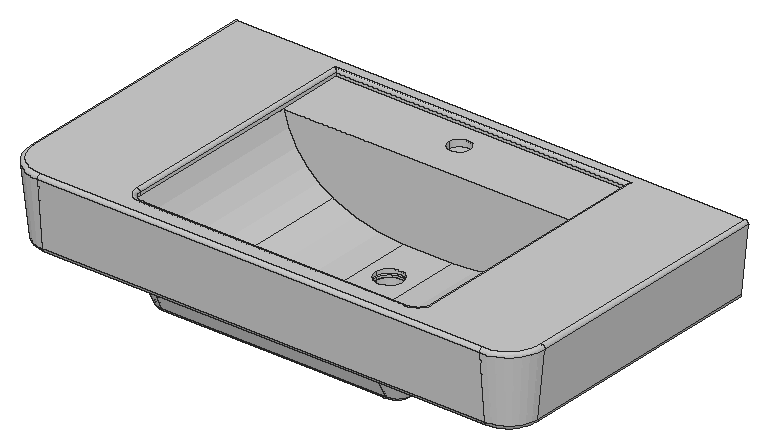
Revit family "NLRS_74_PF_UN_wastafel_S8310500000_SPHINX_BCB", category Plumbing Fixtures, Revit 2016
Family settings
  Part Type = Normal
  Round Connector Dimension = Use Radius
  OmniClass Number = 23.45.00.00
  OmniClass Title = Sanitary, Laundry, and Cleaning Equipment
  Work Plane-Based = No
  Always vertical = Yes
  Cut with Voids When Loaded = No
  Shared = No
  Room Calculation Point = No
Parameters
  NLRS_C_type = "Wastafel met kraangat en overloop"
  NLRS_C_serie = "320"
  NLRS_C_revit_versie = "2016"
  NLRS_C_content_versie = "2.0"
  NLRS_C_content_provider = "BouwConnect"
  NLRS_C_content_datum_uitgifte = "APR-2018"
  NLRS_C_content_datum_gewijzigd = "APR-2018"
  NLRS_C_content_creator = "BouwConnect"
  NLRS_C_URL_product_data = "http://www.sphinx.nl/producten/wastafels-%7C-fonteinen/wastafels/sphinx-320-%7C-wastafel-85-cm/28726/"
  afvoer_radius = 22.5 mm
  WFU = 0
  URL = "http://www.sphinx.nl/"
  Type Comments = ""
  NLRS_S_gewicht = 27.30 kg
  NLRS_C_materiaal = none
  NLRS_C_lengte = 480 mm
  NLRS_C_hoogte = 250 mm
  NLRS_C_diameter_uit = 45 mm
  NLRS_C_diameter_in = 35 mm
  NLRS_C_breedte = 850 mm
  Model = ""
  Manufacturer = "Sphinx"
  Keynote = ""
  IfcTypeProduct = "IfcSanitaryTerminalType"
  IfcExportType = "SINK"
  IfcExportAs = "IfcSanitaryTerminalTypeEnum"
  IfcElement = "IfcFlowTerminal"
  NLRS_C_code_EAN = "8711754407442"
  Description = "wastafel"
  NLRS_C_URL_BCB = "http://bcb-online.nl/?zoekterm=Sphinx+++%5bGeberit+B.V.%5d"
  Assembly Code = "47.11"
Reference planes
  plane 1 "Center (Front/Back)": y = 0
  plane 2: z = 0
  plane 3 "Center (Left/Right)": x = 0
Forms (mm)
  Sweep 1, solid, material "bcb_porselein", detail levels medium+fine
    path origin (0, 0, 0) x (1, 0, 0) y (0, 1, 0)
      loop
        line (-424.965, 0) -> (-424.965, -420)
        arc (-424.965, -420) -> (-407.392, -462.426) -> (-364.965, -480) r 60
        line (-364.965, -480) -> (365.035, -480)
        arc (365.035, -480) -> (407.461, -462.426) -> (425.035, -420) r 60
        line (425.035, -420) -> (425.035, 0)
    profile origin (-424.965, -210, 0) x (1, 0, 0) y (0, 0, 1)
      loop
        arc (6.022, 0) -> (1.76, -1.777) -> (0.023, -6.056) r 6
        arc (0.023, -6.056) -> (3.224, -60.155) -> (11.789, -113.667) r 544.353
        arc (11.789, -113.667) -> (14.579, -118.226) -> (19.616, -120.011) r 8
        line (19.616, -120.011) -> (24.5, -120.011) -> (24.5, 0) -> (6.022, 0)
  Extrusion 2, solid, material "bcb_porselein", detail levels medium+fine
    sketch origin (0, 0, 0) x (1, 0, 0) y (0, 1, 0)
      loop
        line (-239.949, -130) -> (240.019, -130) -> (240.019, 0) -> (-239.949, 0) -> (-239.949, -130)
    from -120.011 to -10
  Extrusion 3, void
    sketch origin (0, -50, 0) x (1, 0, 0) y (0, 1, 0)
      loop
        circle (0, -160) r 22.5
    from -210.292 to -76.605
  Revolve 4, solid, material "bcb_porselein", detail levels medium+fine
    sketch origin (0, -210, -24.836) x (1, 0, 0) y (0, 0, 1)
      loop
        line (-18.358, -165.164) -> (-18.358, -128.644) -> (-78.313, -128.644) -> (-43.03, -132.245)
        arc (-43.03, -132.245) -> (-37.594, -135.135) -> (-35.288, -140.843) r 9
        line (-35.288, -140.843) -> (-34.507, -163.215)
        arc (-34.507, -163.215) -> (-33.891, -164.597) -> (-32.488, -165.164) r 2.02
        line (-32.488, -165.164) -> (-18.358, -165.164)
      axis (0, -128.644) -> (0, -165.164)
    angle from 0 to 360
  Extrusion 5, solid, material "bcb_porselein", detail levels medium+fine
    sketch origin (1000, 0, 0) x (1, 0, 0) y (0, 0, 1)
      loop
        arc (-1040.336, -140.592) -> (-1100.178, -133.774) -> (-1156.953, -113.669) r 266.023
        arc (-1156.953, -113.669) -> (-1209.803, -71.096) -> (-1238.956, -9.812) r 152.536
        line (-1238.956, -9.812) -> (-1244.362, -10.837)
        arc (-1244.362, -10.837) -> (-1214.175, -74.434) -> (-1159.364, -118.612) r 158.036
        arc (-1159.364, -118.612) -> (-1101.416, -139.133) -> (-1040.336, -146.092) r 271.523
        line (-1040.336, -146.092) -> (-959.664, -146.092)
        arc (-959.664, -146.092) -> (-898.584, -139.133) -> (-840.636, -118.612) r 271.523
        arc (-840.636, -118.612) -> (-785.825, -74.434) -> (-755.638, -10.837) r 158.036
        line (-755.638, -10.837) -> (-761.044, -9.812)
        arc (-761.044, -9.812) -> (-790.197, -71.096) -> (-843.047, -113.669) r 152.536
        arc (-843.047, -113.669) -> (-899.822, -133.774) -> (-959.664, -140.592) r 266.023
        line (-959.664, -140.592) -> (-1040.336, -140.592)
    from 130 to 445.5
  Sweep 6, solid, material "bcb_porselein", detail levels medium+fine
    path origin (0, -5.516, 0) x (1, 0, 0) y (0, 1, 0)
      loop
        arc (-249.949, -420) -> (-241.167, -441.202) -> (-219.965, -449.984) r 29.984
        line (-219.965, -449.984) -> (220.035, -449.984)
        arc (220.035, -449.984) -> (241.236, -441.202) -> (250.019, -420) r 29.984
        line (250.019, -420) -> (250.019, -4.984) -> (-249.949, -4.984) -> (-249.949, -420)
    profile origin (-249.949, -218.008, 0) x (-1, 0, 0) y (0, 0, 1)
      loop
        line (0, 0) -> (-5, 0)
        arc (-5, 0) -> (-8.536, -1.464) -> (-10, -5) r 5
        line (-10, -5) -> (-10, -10) -> (0, -10) -> (0, 0)
  Extrusion 7, solid, material "bcb_porselein", detail levels medium+fine
    sketch origin (-1000, 0, 0) x (1, 0, 0) y (0, 1, 0)
      loop
        line (599.535, -23) -> (750.051, -23) -> (750.051, -10.5) -> (1250.051, -10.5) -> (1250.051, -23) -> (1400.535, -23) -> (1400.535, 0) -> (599.535, 0) -> (599.535, -23)
    from -10 to 0
  Extrusion 8, solid, material "bcb_porselein", detail levels medium+fine
    sketch origin (-2000, 0, 0) x (1, 0, 0) y (0, 0, 1)
      loop
        arc (1774.847, -158.842) -> (1777.583, -163.581) -> (1782.725, -165.453) r 8
        line (1782.725, -165.453) -> (1808.288, -165.453)
        arc (1808.288, -165.453) -> (1812.533, -165.156) -> (1816.696, -164.271) r 30.505
        line (1816.696, -164.271) -> (1823.33, -162.369)
        arc (1823.33, -162.369) -> (1830.08, -160.934) -> (1836.964, -160.453) r 49.462
        line (1836.964, -160.453) -> (1864.284, -160.453)
        arc (1864.284, -160.453) -> (2000.035, -153.636) -> (2135.785, -160.453) r 1355
        line (2135.785, -160.453) -> (2163.106, -160.453)
        arc (2163.106, -160.453) -> (2169.99, -160.934) -> (2176.739, -162.369) r 49.462
        line (2176.739, -162.369) -> (2183.373, -164.271)
        arc (2183.373, -164.271) -> (2187.536, -165.156) -> (2191.782, -165.453) r 30.505
        line (2191.782, -165.453) -> (2217.344, -165.453)
        arc (2217.344, -165.453) -> (2222.486, -163.581) -> (2225.222, -158.842) r 8
        line (2225.222, -158.842) -> (2232.069, -120.011) -> (1768, -120.011) -> (1774.847, -158.842)
    from 0 to 20
  Sweep 9, solid, material "bcb_porselein", detail levels medium+fine
    path origin (0, 1.016, 0) x (1, 0, 0) y (0, 1, 0)
      loop
        line (219.519, -21.016) -> (219.519, -426)
        arc (219.519, -426) -> (209.267, -450.749) -> (184.519, -461) r 35
        line (184.519, -461) -> (-184.449, -461)
        arc (-184.449, -461) -> (-209.198, -450.749) -> (-219.449, -426) r 35
        line (-219.449, -426) -> (-219.449, -21.016)
    profile origin (-219.449, -222.492, 0) x (-1, 0, 0) y (0, 0, 1)
      loop
        line (1.537, -120.011) -> (-0.669, -120.011) -> (-13.199, -146.881)
        arc (-13.199, -146.881) -> (-15.413, -149.406) -> (-18.637, -150.346) r 6
        line (-18.637, -150.346) -> (-20, -150.346) -> (-20, -152.346) -> (-18.637, -152.346)
        arc (-18.637, -152.346) -> (-14.339, -151.093) -> (-11.387, -147.727) r 8
        line (-11.387, -147.727) -> (1.537, -120.011)
  Extrusion 10, solid, material "bcb_porselein", detail levels medium+fine
    sketch origin (5, 0, 0) x (1, 0, 0) y (0, 1, 0)
      loop
        arc (179.519, -439.984) -> (190.125, -435.59) -> (194.519, -424.984) r 15
        line (194.519, -424.984) -> (194.519, -20) -> (-204.449, -20) -> (-204.449, -424.984)
        arc (-204.449, -424.984) -> (-200.056, -435.59) -> (-189.449, -439.984) r 15
        line (-189.449, -439.984) -> (179.519, -439.984)
    from -152.346 to -150
  Extrusion 11, solid, material "bcb_porselein", detail levels medium+fine
    sketch origin (-25, 0, 0) x (1, 0, 0) y (0, 1, 0)
      loop
        arc (-375.465, -420) -> (-365.068, -445.102) -> (-339.965, -455.5) r 35.5
        line (-339.965, -455.5) -> (-164.949, -455.5) -> (-164.949, 0) -> (-375.465, 0) -> (-375.465, -420)
    from -120.011 to -118
  Extrusion 12, solid, material "bcb_porselein", detail levels medium+fine
    sketch origin (25.069, 0, 0) x (-1, 0, 0) y (0, -1, 0)
      loop
        line (-375.465, 420) -> (-375.465, 0) -> (-164.949, 0) -> (-164.949, 455.5) -> (-339.965, 455.5)
        arc (-339.965, 455.5) -> (-365.068, 445.102) -> (-375.465, 420) r 35.5
    from -120.011 to -118
  Extrusion 13, solid, not visible
    sketch origin (-22.5, -50, 0) x (1, 0, 0) y (0, 1, 0)
      loop
        circle (22.5, -160) r 22.5
    from -190 to -188
  Extrusion 14, solid, material "bcb_porselein", detail levels medium+fine
    sketch origin (0, 0, 0) x (1, 0, 0) y (0, 1, 0)
      loop
        line (199.519, -20) -> (-199.449, -20) -> (-199.449, -130) -> (199.519, -130) -> (199.519, -20)
    from -145.359 to -90
  Extrusion 15, void
    sketch origin (-1316.363, 0, 0) x (1, 0, 0) y (0, 1, 0)
      loop
        circle (1316.363, -65.012) r 17.478
    from -20 to 10
  Extrusion 16, solid, material "bcb_porselein", detail levels medium+fine
    sketch origin (0, 0, 0) x (1, 0, 0) y (0, 1, 0)
      loop
        line (-400.465, -23) -> (-400.465, -420)
        arc (-400.465, -420) -> (-390.068, -445.102) -> (-364.965, -455.5) r 35.5
        line (-364.965, -455.5) -> (-219.965, -455.5)
        arc (-219.965, -455.5) -> (-241.167, -446.718) -> (-249.949, -425.516) r 29.984
        line (-249.949, -425.516) -> (-249.949, -23) -> (-400.465, -23)
    from -10 to 0
  Extrusion 17, solid, material "bcb_porselein", detail levels medium+fine
    sketch origin (0, 0, 0) x (1, 0, 0) y (0, 1, 0)
      loop
        line (250.019, -23) -> (250.019, -425.516)
        arc (250.019, -425.516) -> (241.236, -446.718) -> (220.035, -455.5) r 29.984
        line (220.035, -455.5) -> (365.035, -455.5)
        arc (365.035, -455.5) -> (390.137, -445.102) -> (400.535, -420) r 35.5
        line (400.535, -420) -> (400.535, -23) -> (250.019, -23)
    from -10 to 0
  Extrusion 18, solid, material "bcb_porselein", detail levels medium+fine
    sketch origin (0, 0, 0) x (1, 0, 0) y (0, 0, 1)
      loop
        arc (-238.914, -10) -> (-209.743, -71.171) -> (-156.953, -113.669) r 152.536
        arc (-156.953, -113.669) -> (-100.178, -133.774) -> (-40.336, -140.592) r 266.023
        line (-40.336, -140.592) -> (40.336, -140.592)
        arc (40.336, -140.592) -> (100.178, -133.774) -> (156.953, -113.669) r 266.023
        arc (156.953, -113.669) -> (209.743, -71.171) -> (238.914, -10) r 152.536
        line (238.914, -10) -> (-238.914, -10)
    from 445.5 to 450
  Extrusion 19, solid, material "bcb_porselein", detail levels coarse
    sketch origin (0, 0, 0) x (1, 0, 0) y (0, 1, 0)
      loop
        line (-424.943, 0) -> (-424.943, -420)
        arc (-424.943, -420) -> (-407.369, -462.426) -> (-364.943, -480) r 60
        line (-364.943, -480) -> (365.012, -480)
        arc (365.012, -480) -> (407.439, -462.426) -> (425.012, -420) r 60
        line (425.012, -420) -> (425.012, 0) -> (-424.943, 0)
    from -120.011 to 0
  Extrusion 20, void
    sketch origin (0, 0, 0) x (1, 0, 0) y (0, 1, 0)
      loop
        line (-239.949, -130) -> (-239.949, -425)
        arc (-239.949, -425) -> (-234.091, -439.142) -> (-219.949, -445) r 20
        line (-219.949, -445) -> (220.019, -445)
        arc (220.019, -445) -> (234.161, -439.142) -> (240.019, -425) r 20
        line (240.019, -425) -> (240.019, -130) -> (-239.949, -130)
    from -100 to 10
Cuts and joins
  Extrusion 3 cuts Sweep 1
  Extrusion 3, Extrusion 15 cuts Extrusion 2
  Extrusion 3 cuts Extrusion 7
  Extrusion 3 cuts Extrusion 8
  Extrusion 3 cuts Extrusion 11
  Extrusion 3 cuts Extrusion 12
  joined: Sweep 1, Extrusion 2, Sweep 6, Extrusion 7, Extrusion 8, Extrusion 11, Extrusion 12, Extrusion 14, Extrusion 16, Extrusion 17, Extrusion 18
  Extrusion 3 cuts Revolve 4
  Extrusion 3 cuts Extrusion 5
  Extrusion 3 cuts Sweep 9
  Extrusion 3 cuts Extrusion 10
  joined: Sweep 9, Extrusion 10
  Extrusion 20 cuts Extrusion 19
Dimensions and locks
  aligned and locked: level to plane 2
Connectors
  piping at (0, -210, -190), diameter 45, driven by "WFU", driven by "afvoer_radius"
    settings: on cut or joined group of Extrusion 3, Revolve 4, index 1, connector inside diameter 45 mm, connector length 0 mm, flow factor 0, pipe flow 0.0 L/s, pressure drop 0.0 Pa, fitting loss kfactor 0, connector angle 0.00°, fixture units 0, engagement length 0 mm, angle of deflection 0.00°, flow configuration 3, flow direction 2, fitting loss method 0, system type 16, joint type 0, gender type 0, connector reference index -1, connector utility 0, adjustable connector no, is connector primary yes, connector description "out"
